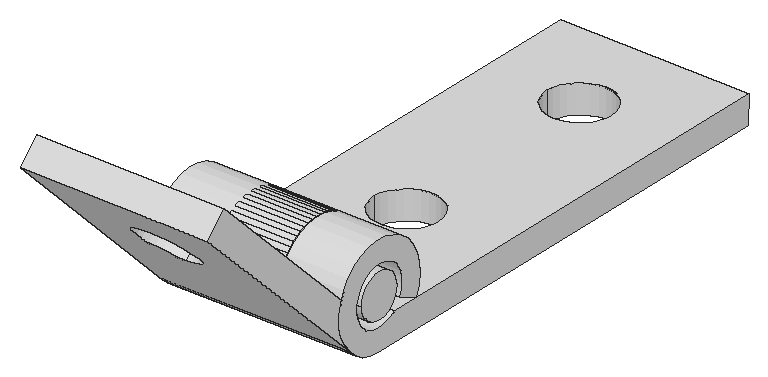
Revit family "P1354A_Adjustable_3_Hole_Hinge", category Generic Models, Revit 2020
Family settings
  Can host rebar = No
  Round Connector Dimension = Use Diameter
  Part Type = Normal
  OmniClass Number = 23.80.30.17.17
  OmniClass Title = Cable Trays and Horizontal Racks
  Work Plane-Based = Yes
  Always vertical = No
  Cut with Voids When Loaded = No
  Shared = No
  Room Calculation Point = No
Parameters (values of type "P1354A EG")
  Width = 1.625"
  Weight = 1.090 lbm
  UPC = "\"786364007861\""
  Type Comments = "80_77_27_15"
  Tap On [instance] = yes
  Salsify ID6 = ""
  Salsify ID5 = ""
  Salsify ID4 = ""
  Salsify ID3 = ""
  Salsify ID2 = ""
  Salsify ID1 = "US-P1354A"
  Power-Strut Part Number = ""
  Part Number = "P1354A EG"
  Model = "P1354A"
  Length = 8.000"
  URL = "https://www.atkore.com/products/strut-and-fittings/p1354a"
  Material = Electro Galvanized
  Manufacturer = "Atkore Unistrut"
  L_half = Length / 2  # 4.000"
  Height B [instance] = 2.14993"
  Height = 0.250"
  Disclaimer = "http://www.unistrut.us/model-disclaimer/"
  Description = "P1354A - Adjustable 3-Hole Hinge"
  Default Elevation = 48.000"
  Base B [instance] = 2.14993"
Types (3): name | UPC | Part Number | Material
  P1354A EG | "\"786364007861\"" | "P1354A EG" | Electro Galvanized
  P1354A GR | "\"786364007878\"" | "P1354A GR" | Green
  P1354A ZD | "\"786364045238\"" | "P1354A ZD" | Zinc Dichromate
Reference planes (in)
  plane 1 "Center (Front/Back)": y = 0
  plane 2: z = 0
  plane 3 "Center (Left/Right)": x = 0
  plane 4: x = -0.8125
  plane 5: x = 0.8125
  plane 6: y = 4
  plane 7: y = -4
  plane 8: z = 0.25
  plane 9: x = -0.28125
  plane 10: x = 0.28125
  plane 11: z = 0.4375
  plane 12: y = -2.14993
  plane 13: z = 2.58743
Forms (in)
  Extrusion 1, solid, material "Electro Galvanized" <- "Material"
    sketch origin (0, 0, 0) x (0, 1, 0) y (0, 0, 1)
      loop
        line (0.22625, 0.33116) -> (0.39566, 0.2508)
        arc (0.39566, 0.2508) -> (-0.23423, 0.80702) -> (0, 0) r 0.4375
        line (0, 0) -> (4, 0) -> (4, 0.25) -> (0.16535, 0.25)
        arc (0.16535, 0.25) -> (-0.19996, 0.58755) -> (0.22625, 0.33116) r 0.25
    from -0.8125 to 0.8125
  Extrusion 2, solid, material "Electro Galvanized" <- "Material"
    sketch origin (0, 0, 0) x (0, -1, 0) y (0, 0, -1)
      loop
        arc (0.22625, -0.33116) -> (0, -0.6875) -> (-0.22625, -0.33116) r 0.25
        line (-0.22625, -0.33116) -> (-0.39566, -0.2508)
        arc (-0.39566, -0.2508) -> (0, -0.875) -> (0.39566, -0.2508) r 0.4375
        line (0.39566, -0.2508) -> (0.22625, -0.33116)
    from -0.28125 to 0.28125
  Extrusion 3, solid, material "Electro Galvanized" <- "Material"
    sketch origin (0, 0.70737, -0.12274) x (0, 1, 0) y (0, 0, 1)
      loop
        circle (-0.70737, 0.56025) r 0.1875
    from -0.8125 to 0.8125
  Extrusion 4, void
    sketch origin (0, 0.24777, 0) x (1, 0, 0) y (0, 1, 0)
      loop
        circle (0, 1.06473) r 0.28125
    from 0 to 0.25
  Extrusion 5, void
    sketch origin (0, 2.12277, 0) x (1, 0, 0) y (0, 1, 0)
      loop
        circle (0, 1.06473) r 0.28125
    from 0 to 0.25
  Extrusion 6, solid, material "Electro Galvanized" <- "Material"
    sketch origin (0, 0, 0.4375) x (0, -0.707107, 0.707107) y (0, -0.707107, -0.707107)
      loop
        line (2.187, 0.4375) -> (0, 0.4375) -> (0, 0.1875) -> (2.187, 0.1875) -> (2.187, 0.4375)
    from -0.8125 to 0.8125
  Extrusion 7, void
    sketch origin (0, 0, 0.4375) x (0, 0.707107, -0.707107) y (0, -0.707107, -0.707107)
      loop
        circle (0, 0) r 0.25
    from -0.8125 to 0.8125
  Extrusion 8, void
    sketch origin (0, -0.13258, 0.30492) x (0, 0.707107, -0.707107) y (1, 0, 0)
      loop
        circle (-1.375, 0) r 0.28125
    from 0 to 3.20427
Cuts and joins
  Extrusion 4, Extrusion 5 cuts Extrusion 1
  Extrusion 7, Extrusion 8 cuts Extrusion 6
Lines and regions (in)
  reference lines
    curve 1: line (0, 0, 0.4375) -> (0, -2.14993, 2.58743)
    curve 2: line (0, 0, 0.4375) -> (0, -0.4375, 0)
    curve 3: line (0, -1.1487, 0.96748) -> (0, -1.46358, 0.65259)
Dimensions and locks (in)
  equal spacing: plane 4, plane 3 "Center (Left/Right)", plane 5
  "Width": plane 4 to plane 5
  equal spacing: plane 7, plane 1 "Center (Front/Back)", plane 6
  "Length": plane 7 to plane 6
  "Height": plane 8 to plane 2
  locked: plane 9 to plane 10 at 0.5625
  locked: Extrusion 6 sketch curve to curve 1 at 0.1875
  "Height": Extrusion 6 sketch curve to Extrusion 6 sketch curve
  "Base B": plane 1 "Center (Front/Back)" to plane 12
  "Height B": plane 13 to plane 11
  locked: Extrusion 6 sketch curve to Extrusion 6 sketch curve at 2.187
  locked: cut or joined group of Extrusion 6, Extrusion 7, Extrusion 8 to Extrusion 8 sketch curve at 0.812
  cut or joined group of Extrusion 6, Extrusion 7, Extrusion 8 to cut or joined group of Extrusion 6, Extrusion 7, Extrusion 8 = 2.187"
  cut or joined group of Extrusion 6, Extrusion 7, Extrusion 8 to curve 3 = 1.000"
  locked: curve 2 to curve 1 (angle 90.00°)
  aligned and locked: plane 2 to level
  aligned and locked: plane 4 to Extrusion 1
  aligned and locked: Extrusion 1 to plane 5
  aligned and locked: plane 4 to Extrusion 6
  aligned and locked: Extrusion 6 to plane 5
  aligned and locked: Extrusion 7 to plane 5
  aligned and locked: plane 4 to Extrusion 7
  aligned and locked: plane 13 to curve 1
  aligned and locked: plane 12 to curve 1
  aligned and locked: plane 11 to curve 1
  aligned and locked: plane 1 "Center (Front/Back)" to curve 1
  aligned and locked: curve 2 to Extrusion 6 sketch curve
Automatic sketch dimensions
  Extrusion 1 sketch curve to plane 1 "Center (Front/Back)" = 0.000"  (x2)
  Extrusion 1 sketch curve to plane 8 = 0.000"
  Extrusion 1 sketch curve to plane 6 = 0.000"
  Extrusion 1 sketch curve to plane 1 "Center (Front/Back)" = 0.16535"
  plane 8 to Extrusion 1 sketch curve = 0.08116"
  Extrusion 1 sketch curve to Extrusion 1 sketch curve = 0.0609"
  plane 8 to Extrusion 1 sketch curve = 0.0008"
  Extrusion 1 sketch curve to Extrusion 1 sketch curve = 0.16941"
  level to Extrusion 1 sketch curve = 0.000"
  Extrusion 2 sketch curve to plane 1 "Center (Front/Back)" = 0.000"  (x2)
  Extrusion 2 sketch curve to plane 8 = 0.08116"  (x2)
  plane 1 "Center (Front/Back)" to Extrusion 2 sketch curve = 0.22625"
  Extrusion 2 sketch curve to plane 8 = 0.0008"  (x2)
  Extrusion 2 sketch curve to Extrusion 2 sketch curve = 0.16941"
  Extrusion 2 sketch curve to plane 8 = 0.1875"
  Extrusion 2 sketch curve to Extrusion 2 sketch curve = 0.000"
  plane 1 "Center (Front/Back)" to Extrusion 3 sketch curve = 0.000"
  plane 8 to Extrusion 3 sketch curve = 0.1875"
  Extrusion 4 sketch curve to plane 3 "Center (Left/Right)" = 0.000"
  plane 1 "Center (Front/Back)" to Extrusion 4 sketch curve = 1.3125"
  Extrusion 5 sketch curve to plane 3 "Center (Left/Right)" = 0.000"
  Extrusion 5 sketch curve to plane 6 = 0.8125"
  Extrusion 7 sketch curve to curve 1 = 0.000"  (x2)
  Extrusion 8 sketch curve to Extrusion 6 = 0.8125"
  curve 2 to curve 1 = 0.000"  (x2)
  curve 1 to curve 3 = 1.187"
  curve 3 to curve 1 = 0.4375"
  curve 3 to curve 3 = 0.44531"
  radius of Extrusion 3 sketch curve = 0.1875"
  radius of Extrusion 4 sketch curve = 0.28125"
  radius of Extrusion 5 sketch curve = 0.28125"
  radius of Extrusion 7 sketch curve = 0.250"
  radius of Extrusion 8 sketch curve = 0.28125"
